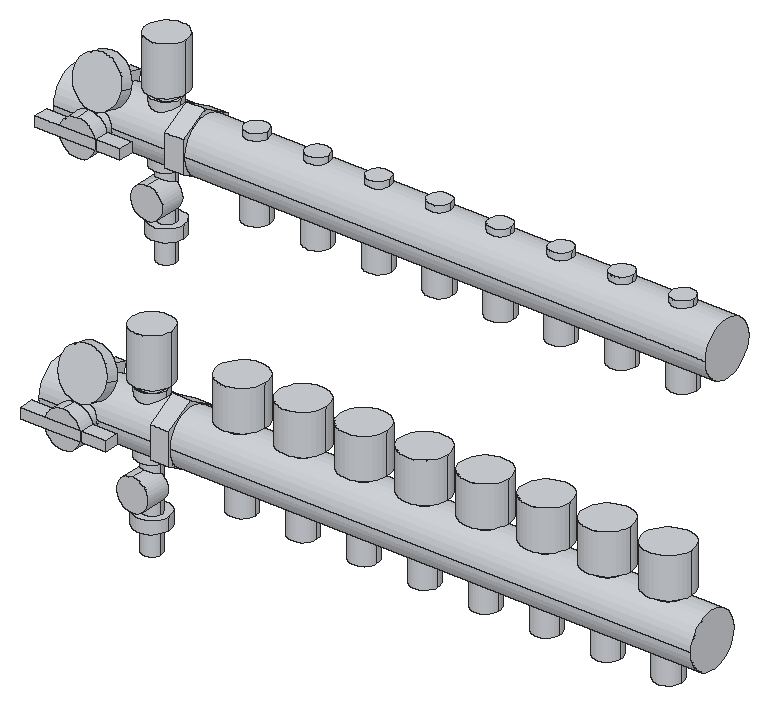
Revit family "318_dba5bdd3bf904ccfaea6eb69f10d80", category Pipe Accessories, Revit 2017
Family settings
  Round Connector Dimension = Use Diameter
  Part Type = Valve - Normal
  Work Plane-Based = No
  Always vertical = Yes
  Cut with Voids When Loaded = No
  Shared = No
Parameters (values of type "R553DK108")
  magi_piping_qv_2_8 [instance] = 0.0 L/s
  magi_piping_qv_2_7 [instance] = 0.0 L/s
  magi_piping_qv_2_6 [instance] = 0.0 L/s
  magi_piping_qv_2_5 [instance] = 0.0 L/s
  magi_piping_qv_2_4 [instance] = 0.0 L/s
  magi_piping_qv_2_3 [instance] = 0.0 L/s
  magi_piping_qv_2_2 [instance] = 0.0 L/s
  magi_piping_qv_2_1 [instance] = 0.0 L/s
  magi_piping_qv_1_8 [instance] = 0.0 L/s
  magi_piping_qv_1_7 [instance] = 0.0 L/s
  magi_piping_qv_1_6 [instance] = 0.0 L/s
  magi_piping_qv_1_5 [instance] = 0.0 L/s
  magi_piping_qv_1_4 [instance] = 0.0 L/s
  magi_piping_qv_1_3 [instance] = 0.0 L/s
  magi_piping_qv_1_2 [instance] = 0.0 L/s
  magi_piping_qv_1_1 [instance] = 0.0 L/s
  magi_piping_qv [instance] = 0.0 L/s
  magi_piping_power_8 [instance] = 0 W
  magi_piping_power_7 [instance] = 0 W
  magi_piping_power_6 [instance] = 0 W
  magi_piping_power_5 [instance] = 0 W
  magi_piping_power_4 [instance] = 0 W
  magi_piping_power_3 [instance] = 0 W
  magi_piping_power_2 [instance] = 0 W
  magi_piping_power_1 [instance] = 0 W
  magi_piping_kv_8 [instance] = 0
  magi_piping_kv_7 [instance] = 0
  magi_piping_kv_6 [instance] = 0
  magi_piping_kv_5 [instance] = 0
  magi_piping_kv_4 [instance] = 0
  magi_piping_kv_3 [instance] = 0
  magi_piping_kv_2 [instance] = 0
  magi_piping_kv_1 [instance] = 0
  magi_piping_dpTot_8 [instance] = 0.0 Pa
  magi_piping_dpTot_7 [instance] = 0.0 Pa
  magi_piping_dpTot_6 [instance] = 0.0 Pa
  magi_piping_dpTot_5 [instance] = 0.0 Pa
  magi_piping_dpTot_4 [instance] = 0.0 Pa
  magi_piping_dpTot_3 [instance] = 0.0 Pa
  magi_piping_dpTot_2 [instance] = 0.0 Pa
  magi_piping_dpTot_1 [instance] = 0.0 Pa
  magi_adjustmentValue_8 [instance] = ""
  magi_adjustmentValue_7 [instance] = ""
  magi_adjustmentValue_6 [instance] = ""
  magi_adjustmentValue_5 [instance] = ""
  magi_adjustmentValue_4 [instance] = ""
  magi_adjustmentValue_3 [instance] = ""
  magi_adjustmentValue_2 [instance] = ""
  magi_adjustmentValue_1 [instance] = ""
  magiProductId = "dba5bdd3bf904ccfaea6eb69f10d80"
  magiProductFamilyId = "dba5bdd3bf904ccfaea6eb69f10d80"
  magiProductCode = "R553DK108"
  magiPartTypeId = 318
  Y = 15 mm
  VersionID = "2.0/2016.10.37.0/GIACOMINI_R553DK_001"
  URL = "http://www.giacomini.com/en"
  SMP = 25 mm
  SBP9 = 18 mm
  SBP8 = 18 mm
  SBP7 = 18 mm
  SBP6 = 18 mm
  SBP5 = 18 mm
  SBP4 = 18 mm
  SBP3 = 18 mm
  SBP2 = 18 mm
  SBP12 = 18 mm
  SBP11 = 18 mm
  SBP10 = 18 mm
  SBP1 = 18 mm
  RMP = 25 mm
  RBP9 = 18 mm
  RBP8 = 18 mm
  RBP7 = 18 mm
  RBP6 = 18 mm
  RBP5 = 18 mm
  RBP4 = 18 mm
  RBP3 = 18 mm
  RBP2 = 18 mm
  RBP12 = 18 mm
  RBP11 = 18 mm
  RBP10 = 18 mm
  RBP1 = 18 mm
  R2 = 22 mm
  QmdConnectorList = "321;SMP;322;SBP1;323;SBP2;324;SBP3;325;SBP4;326;SBP5;327;SBP6;328;SBP7;329;SBP8;351;RMP;352;RBP1;353;RBP2;354;RBP3;355;RBP4;356;RBP5;357;RBP6;358;RBP7;359;RBP8"
  Productdata [instance] = "© Progman Oy, all rights reserved"
  N9 = no
  N8 = yes
  N7 = yes
  N6 = yes
  N5 = yes
  N4 = yes
  N3 = yes
  N12 = no
  N11 = no
  N10 = no
  Manufacturer = "Giacomini"
  MC_Default_elevation = 0 mm
  L = 535 mm
  I = 50 mm
  H5 = 33 mm
  H4 = 5 mm
  H3__ve = -H3  # -40 mm
  H3 = 40 mm
  H11 = 5 mm
  Flow supply main [instance] = Flow supply 1 + Flow supply 2 + Flow supply 3 + Flow supply 4 + Flow supply 5 + Flow supply 6 + Flow supply 7 + Flow supply 8  # 0.0 L/s
  Flow supply 8 [instance] = 0.0 L/s
  Flow supply 7 [instance] = 0.0 L/s
  Flow supply 6 [instance] = 0.0 L/s
  Flow supply 5 [instance] = 0.0 L/s
  Flow supply 4 [instance] = 0.0 L/s
  Flow supply 3 [instance] = 0.0 L/s
  Flow supply 2 [instance] = 0.0 L/s
  Flow supply 1 [instance] = 0.0 L/s
  Flow return main [instance] = Flow return 1 + Flow return 2 + Flow return 3 + Flow return 4 + Flow return 5 + Flow return 6 + Flow return 7 + Flow return 8  # 0.0 L/s
  Flow return 8 [instance] = 0.0 L/s
  Flow return 7 [instance] = 0.0 L/s
  Flow return 6 [instance] = 0.0 L/s
  Flow return 5 [instance] = 0.0 L/s
  Flow return 4 [instance] = 0.0 L/s
  Flow return 3 [instance] = 0.0 L/s
  Flow return 2 [instance] = 0.0 L/s
  Flow return 1 [instance] = 0.0 L/s
  E = 208 mm
  Description = "PREASSEMBLED MANIFOLD KIT"
  D5 = 38 mm
  D4 = 22 mm
  D31 = 18 mm
  D2 = 44 mm
  CAT0 = yes
  A = 149 mm
Reference planes
  plane 1 "Center (Front/Back)": y = 0
  plane 2 "XYPLANE": z = 0
  plane 3 "Center (Left/Right)": x = 0
  plane 4 "INIT_TEMP": y = 100
  plane 5 "379": x = 699
  plane 6 "378": x = 649
  plane 7 "377": x = 599
  plane 8 "376": x = 549
  plane 9 "375": x = 499
  plane 10 "374": x = 449
  plane 11 "373": x = 399
  plane 12 "372": x = 349
  plane 13 "371": x = 299
  plane 14 "369": x = 249
  plane 15 "368": x = 199
  plane 16 "367": x = 149
  plane 17 "366": z = 22
  plane 18 "365": z = 0
  plane 19 "364": z = -208
  plane 20 "363": y = -15
  plane 21 "362": y = 0
  plane 22 "361": x = 0
  plane 23 "360": z = -40
  plane 24 "359": z = -186
  plane 25 "358": z = -181
  plane 26 "357": z = -248
  plane 27 "356": x = 75
  plane 28 "355": z = 26
  plane 29 "354": x = 92
  plane 30 "353": z = 31
  plane 31 "352": z = -26
  plane 32 "351": z = -46
  plane 33 "350": z = -66
  plane 34 "349": z = 30
  plane 35 "348": x = 38
  plane 36 "347": y = -33
  plane 37 "346": z = 30
  plane 38 "345": y = -15
  plane 39 "344": z = -182
  plane 40 "343": z = -177
  plane 41 "342": z = -234
  plane 42 "341": z = -254
  plane 43 "340": z = -274
  plane 44 "339": z = -178
  plane 45 "338": y = -30
  plane 46 "337": z = -178
  plane 47 "336": y = -48
  plane 48 "1055": through (-712, 0, 30) normal (0, 0.2588, 0.9659)
  plane 49 "1056": through (-712, -15, 30) normal (0, -0.9659, 0.2588)
  plane 50 "1057": through (-712, -30, -178) normal (0, 0.9659, -0.2588)
  plane 51 "1058": through (-712, -15, -178) normal (0, -0.2588, -0.9659)
Forms (mm)
  Extrusion 1, solid, visible <- "N12"
    sketch origin (-750, 0, 22) x (1, 0, 0) y (0, 1, 0)
      loop
        circle (1449, 0) r 9
    from 0 to 5 <- "H11"
  Extrusion 2, solid, visible <- "N11"
    sketch origin (-750, 0, 22) x (1, 0, 0) y (0, 1, 0)
      loop
        circle (1399, 0) r 9
    from 0 to 5 <- "H11"
  Extrusion 3, solid, visible <- "N9"
    sketch origin (-750, 0, 22) x (1, 0, 0) y (0, 1, 0)
      loop
        circle (1299, 0) r 9
    from 0 to 5 <- "H11"
  Extrusion 4, solid, visible <- "N10"
    sketch origin (-750, 0, 22) x (1, 0, 0) y (0, 1, 0)
      loop
        circle (1349, 0) r 9
    from 0 to 5 <- "H11"
  Extrusion 5, solid, visible <- "N8"
    sketch origin (-750, 0, 22) x (1, 0, 0) y (0, 1, 0)
      loop
        circle (1249, 0) r 9
    from 0 to 5 <- "H11"
  Extrusion 6, solid, visible <- "N7"
    sketch origin (-750, 0, 22) x (1, 0, 0) y (0, 1, 0)
      loop
        circle (1199, 0) r 9
    from 0 to 5 <- "H11"
  Extrusion 7, solid, visible <- "N6"
    sketch origin (-750, 0, 22) x (1, 0, 0) y (0, 1, 0)
      loop
        circle (1149, 0) r 9
    from 0 to 5 <- "H11"
  Extrusion 8, solid, visible <- "N5"
    sketch origin (-750, 0, 22) x (1, 0, 0) y (0, 1, 0)
      loop
        circle (1099, 0) r 9
    from 0 to 5 <- "H11"
  Extrusion 9, solid, visible <- "N4"
    sketch origin (-750, 0, 22) x (1, 0, 0) y (0, 1, 0)
      loop
        circle (1049, 0) r 9
    from 0 to 5 <- "H11"
  Extrusion 10, solid, visible <- "N3"
    sketch origin (-750, 0, 22) x (1, 0, 0) y (0, 1, 0)
      loop
        circle (999, 0) r 9
    from 0 to 5 <- "H11"
  Extrusion 11, solid
    sketch origin (-750, 0, 22) x (1, 0, 0) y (0, 1, 0)
      loop
        circle (949, 0) r 9
    from 0 to 5 <- "H11"
  Extrusion 12, solid
    sketch origin (-750, 0, 22) x (1, 0, 0) y (0, 1, 0)
      loop
        circle (899, 0) r 9
    from 0 to 5 <- "H11"
  Extrusion 13, solid, visible <- "CAT0"
    sketch origin (0, -750, 0) x (0, 1, 0) y (0, 0, 1)
      loop
        circle (750, 0) r 22
    from 0 to 535 <- "L"
  Extrusion 14, solid
    sketch origin (-750, 0, 0) x (1, 0, 0) y (0, 1, 0)
      loop
        circle (899, 0) r 11
    from 0 to -40 <- "H3__ve"
  Extrusion 15, solid
    sketch origin (-750, 0, 0) x (1, 0, 0) y (0, 1, 0)
      loop
        circle (949, 0) r 11
    from 0 to -40 <- "H3__ve"
  Extrusion 16, solid, visible <- "N3"
    sketch origin (-750, 0, 0) x (1, 0, 0) y (0, 1, 0)
      loop
        circle (999, 0) r 11
    from 0 to -40 <- "H3__ve"
  Extrusion 17, solid, visible <- "N4"
    sketch origin (-750, 0, 0) x (1, 0, 0) y (0, 1, 0)
      loop
        circle (1049, 0) r 11
    from 0 to -40 <- "H3__ve"
  Extrusion 18, solid, visible <- "N5"
    sketch origin (-750, 0, 0) x (1, 0, 0) y (0, 1, 0)
      loop
        circle (1099, 0) r 11
    from 0 to -40 <- "H3__ve"
  Extrusion 19, solid, visible <- "N6"
    sketch origin (-750, 0, 0) x (1, 0, 0) y (0, 1, 0)
      loop
        circle (1149, 0) r 11
    from 0 to -40 <- "H3__ve"
  Extrusion 20, solid, visible <- "N7"
    sketch origin (-750, 0, 0) x (1, 0, 0) y (0, 1, 0)
      loop
        circle (1199, 0) r 11
    from 0 to -40 <- "H3__ve"
  Extrusion 21, solid, visible <- "N12"
    sketch origin (-750, 0, 0) x (1, 0, 0) y (0, 1, 0)
      loop
        circle (1449, 0) r 11
    from 0 to -40 <- "H3__ve"
  Extrusion 22, solid, visible <- "N11"
    sketch origin (-750, 0, 0) x (1, 0, 0) y (0, 1, 0)
      loop
        circle (1399, 0) r 11
    from 0 to -40 <- "H3__ve"
  Extrusion 23, solid, visible <- "N10"
    sketch origin (-750, 0, 0) x (1, 0, 0) y (0, 1, 0)
      loop
        circle (1349, 0) r 11
    from 0 to -40 <- "H3__ve"
  Extrusion 24, solid, visible <- "N9"
    sketch origin (-750, 0, 0) x (1, 0, 0) y (0, 1, 0)
      loop
        circle (1299, 0) r 11
    from 0 to -40 <- "H3__ve"
  Extrusion 25, solid, visible <- "N8"
    sketch origin (-750, 0, 0) x (1, 0, 0) y (0, 1, 0)
      loop
        circle (1249, 0) r 11
    from 0 to -40 <- "H3__ve"
  Extrusion 26, solid, visible <- "CAT0"
    sketch origin (0, -750, 0) x (0, 1, 0) y (0, 0, 1)
      loop
        circle (735, -208) r 22
    from 0 to 535 <- "L"
  Extrusion 27, solid
    sketch origin (-750, 0, -208) x (1, 0, 0) y (0, 1, 0)
      loop
        circle (949, -15) r 11
    from 0 to -40 <- "H3__ve"
  Extrusion 28, solid
    sketch origin (-750, 0, -208) x (1, 0, 0) y (0, 1, 0)
      loop
        circle (899, -15) r 11
    from 0 to -40 <- "H3__ve"
  Extrusion 29, solid, visible <- "N3"
    sketch origin (-750, 0, -208) x (1, 0, 0) y (0, 1, 0)
      loop
        circle (999, -15) r 11
    from 0 to -40 <- "H3__ve"
  Extrusion 30, solid
    sketch origin (-750, 0, -186) x (1, 0, 0) y (0, 1, 0)
      loop
        circle (899, -15) r 11
    from 0 to 5 <- "H4"
  Extrusion 31, solid
    sketch origin (-750, 0, -181) x (1, 0, 0) y (0, 1, 0)
      loop
        circle (899, -15) r 19
    from 0 to 33 <- "H5"
  Extrusion 32, solid
    sketch origin (-750, 0, -181) x (1, 0, 0) y (0, 1, 0)
      loop
        circle (949, -15) r 19
    from 0 to 33 <- "H5"
  Extrusion 33, solid
    sketch origin (-750, 0, -186) x (1, 0, 0) y (0, 1, 0)
      loop
        circle (949, -15) r 11
    from 0 to 5 <- "H4"
  Extrusion 34, solid, visible <- "N3"
    sketch origin (-750, 0, -186) x (1, 0, 0) y (0, 1, 0)
      loop
        circle (999, -15) r 11
    from 0 to 5 <- "H4"
  Extrusion 35, solid, visible <- "N3"
    sketch origin (-750, 0, -181) x (1, 0, 0) y (0, 1, 0)
      loop
        circle (999, -15) r 19
    from 0 to 33 <- "H5"
  Extrusion 36, solid, visible <- "N4"
    sketch origin (-750, 0, -181) x (1, 0, 0) y (0, 1, 0)
      loop
        circle (1049, -15) r 19
    from 0 to 33 <- "H5"
  Extrusion 37, solid, visible <- "N4"
    sketch origin (-750, 0, -186) x (1, 0, 0) y (0, 1, 0)
      loop
        circle (1049, -15) r 11
    from 0 to 5 <- "H4"
  Extrusion 38, solid, visible <- "N4"
    sketch origin (-750, 0, -208) x (1, 0, 0) y (0, 1, 0)
      loop
        circle (1049, -15) r 11
    from 0 to -40 <- "H3__ve"
  Extrusion 39, solid, visible <- "N5"
    sketch origin (-750, 0, -208) x (1, 0, 0) y (0, 1, 0)
      loop
        circle (1099, -15) r 11
    from 0 to -40 <- "H3__ve"
  Extrusion 40, solid, visible <- "N5"
    sketch origin (-750, 0, -186) x (1, 0, 0) y (0, 1, 0)
      loop
        circle (1099, -15) r 11
    from 0 to 5 <- "H4"
  Extrusion 41, solid, visible <- "N5"
    sketch origin (-750, 0, -181) x (1, 0, 0) y (0, 1, 0)
      loop
        circle (1099, -15) r 19
    from 0 to 33 <- "H5"
  Extrusion 42, solid, visible <- "N6"
    sketch origin (-750, 0, -181) x (1, 0, 0) y (0, 1, 0)
      loop
        circle (1149, -15) r 19
    from 0 to 33 <- "H5"
  Extrusion 43, solid, visible <- "N6"
    sketch origin (-750, 0, -186) x (1, 0, 0) y (0, 1, 0)
      loop
        circle (1149, -15) r 11
    from 0 to 5 <- "H4"
  Extrusion 44, solid, visible <- "N6"
    sketch origin (-750, 0, -208) x (1, 0, 0) y (0, 1, 0)
      loop
        circle (1149, -15) r 11
    from 0 to -40 <- "H3__ve"
  Extrusion 45, solid, visible <- "N7"
    sketch origin (-750, 0, -208) x (1, 0, 0) y (0, 1, 0)
      loop
        circle (1199, -15) r 11
    from 0 to -40 <- "H3__ve"
  Extrusion 46, solid, visible <- "N7"
    sketch origin (-750, 0, -186) x (1, 0, 0) y (0, 1, 0)
      loop
        circle (1199, -15) r 11
    from 0 to 5 <- "H4"
  Extrusion 47, solid, visible <- "N7"
    sketch origin (-750, 0, -181) x (1, 0, 0) y (0, 1, 0)
      loop
        circle (1199, -15) r 19
    from 0 to 33 <- "H5"
  Extrusion 48, solid, visible <- "N9"
    sketch origin (-750, 0, -181) x (1, 0, 0) y (0, 1, 0)
      loop
        circle (1299, -15) r 19
    from 0 to 33 <- "H5"
  Extrusion 49, solid, visible <- "N9"
    sketch origin (-750, 0, -186) x (1, 0, 0) y (0, 1, 0)
      loop
        circle (1299, -15) r 11
    from 0 to 5 <- "H4"
  Extrusion 50, solid, visible <- "N9"
    sketch origin (-750, 0, -208) x (1, 0, 0) y (0, 1, 0)
      loop
        circle (1299, -15) r 11
    from 0 to -40 <- "H3__ve"
  Extrusion 51, solid, visible <- "N8"
    sketch origin (-750, 0, -208) x (1, 0, 0) y (0, 1, 0)
      loop
        circle (1249, -15) r 11
    from 0 to -40 <- "H3__ve"
  Extrusion 52, solid, visible <- "N8"
    sketch origin (-750, 0, -186) x (1, 0, 0) y (0, 1, 0)
      loop
        circle (1249, -15) r 11
    from 0 to 5 <- "H4"
  Extrusion 53, solid, visible <- "N8"
    sketch origin (-750, 0, -181) x (1, 0, 0) y (0, 1, 0)
      loop
        circle (1249, -15) r 19
    from 0 to 33 <- "H5"
  Extrusion 54, solid, visible <- "N11"
    sketch origin (-750, 0, -181) x (1, 0, 0) y (0, 1, 0)
      loop
        circle (1399, -15) r 19
    from 0 to 33 <- "H5"
  Extrusion 55, solid, visible <- "N11"
    sketch origin (-750, 0, -186) x (1, 0, 0) y (0, 1, 0)
      loop
        circle (1399, -15) r 11
    from 0 to 5 <- "H4"
  Extrusion 56, solid, visible <- "N11"
    sketch origin (-750, 0, -208) x (1, 0, 0) y (0, 1, 0)
      loop
        circle (1399, -15) r 11
    from 0 to -40 <- "H3__ve"
  Extrusion 57, solid, visible <- "N12"
    sketch origin (-750, 0, -208) x (1, 0, 0) y (0, 1, 0)
      loop
        circle (1449, -15) r 11
    from 0 to -40 <- "H3__ve"
  Extrusion 58, solid, visible <- "N12"
    sketch origin (-750, 0, -186) x (1, 0, 0) y (0, 1, 0)
      loop
        circle (1449, -15) r 11
    from 0 to 5 <- "H4"
  Extrusion 59, solid, visible <- "N12"
    sketch origin (-750, 0, -181) x (1, 0, 0) y (0, 1, 0)
      loop
        circle (1449, -15) r 19
    from 0 to 33 <- "H5"
  Extrusion 60, solid, visible <- "N10"
    sketch origin (-750, 0, -181) x (1, 0, 0) y (0, 1, 0)
      loop
        circle (1349, -15) r 19
    from 0 to 33 <- "H5"
  Extrusion 61, solid, visible <- "N10"
    sketch origin (-750, 0, -186) x (1, 0, 0) y (0, 1, 0)
      loop
        circle (1349, -15) r 11
    from 0 to 5 <- "H4"
  Extrusion 62, solid, visible <- "N10"
    sketch origin (-750, 0, -208) x (1, 0, 0) y (0, 1, 0)
      loop
        circle (1349, -15) r 11
    from 0 to -40 <- "H3__ve"
  Extrusion 63, solid
    sketch origin (-750, 0, 26) x (1, 0, 0) y (0, 1, 0)
      loop
        circle (825, 0) r 12
    from 0 to -52
  Extrusion 64, solid
    sketch origin (92, -750, 0) x (0, 1, 0) y (0, 0, 1)
      loop
        line (750, 26) -> (727.483, 13) -> (727.483, -13) -> (750, -26) -> (772.517, -13) -> (772.517, 13) -> (750, 26)
    from 0 to 15
  Extrusion 65, solid
    sketch origin (-750, 0, 26) x (1, 0, 0) y (0, 1, 0)
      loop
        circle (825, 0) r 10
    from 0 to 5
  Extrusion 66, solid
    sketch origin (-750, 0, 31) x (1, 0, 0) y (0, 1, 0)
      loop
        circle (825, 0) r 16
    from 0 to 40
  Extrusion 67, solid
    sketch origin (-750, 0, -26) x (1, 0, 0) y (0, 1, 0)
      loop
        circle (825, 0) r 7.5
    from 0 to -70
  Extrusion 68, solid
    sketch origin (750, 0, 0) x (-1, 0, 0) y (0, 0, 1)
      loop
        circle (675, -46) r 13
    from 0 to -20
  Extrusion 69, solid
    sketch origin (-750, 0, -66) x (1, 0, 0) y (0, 1, 0)
      loop
        circle (825, 0) r 14
    from 0 to -10
  Extrusion 70, solid
    sketch origin (750, -33, 0) x (-1, 0, 0) y (0, 0, 1)
      loop
        circle (712, 0) r 15
    from 0 to -12
  Extrusion 71, solid
    sketch origin (-712, 0, 30) x (1, 0, 0) y (0, 0.965926, -0.258819)
      loop
        line (746, 15) -> (746, -15) -> (754, -15) -> (754, 15) -> (746, 15)
    from 0 to -18
  Extrusion 72, solid
    sketch origin (750, 0, 0) x (-1, 0, 0) y (0, 0, 1)
      loop
        circle (712, 0) r 9
    from 0 to -33
  Extrusion 73, solid
    sketch origin (750, -33, 0) x (-1, 0, 0) y (0, 0, 1)
      loop
        line (677, 4) -> (677, -4) -> (747, -4) -> (747, 4) -> (677, 4)
    from 0 to -12
  Extrusion 74, solid
    sketch origin (-712, -15, 30) x (1, 0, 0) y (0, 0.258819, 0.965926)
      loop
        circle (750, 0) r 20
    from 0 to 10
  Extrusion 75, solid
    sketch origin (-750, 0, -274) x (1, 0, 0) y (0, 1, 0)
      loop
        circle (825, -15) r 14
    from 0 to -10
  Extrusion 76, solid
    sketch origin (750, -15, 0) x (-1, 0, 0) y (0, 0, 1)
      loop
        circle (675, -254) r 13
    from 0 to -20
  Extrusion 77, solid
    sketch origin (-750, 0, -234) x (1, 0, 0) y (0, 1, 0)
      loop
        circle (825, -15) r 7.5
    from 0 to -70
  Extrusion 78, solid
    sketch origin (-750, 0, -177) x (1, 0, 0) y (0, 1, 0)
      loop
        circle (825, -15) r 16
    from 0 to 40
  Extrusion 79, solid
    sketch origin (-750, 0, -182) x (1, 0, 0) y (0, 1, 0)
      loop
        circle (825, -15) r 10
    from 0 to 5
  Extrusion 80, solid
    sketch origin (92, -750, 0) x (0, 1, 0) y (0, 0, 1)
      loop
        line (735, -182) -> (712.483, -195) -> (712.483, -221) -> (735, -234) -> (757.517, -221) -> (757.517, -195) -> (735, -182)
    from 0 to 15
  Extrusion 81, solid
    sketch origin (-750, 0, -182) x (1, 0, 0) y (0, 1, 0)
      loop
        circle (825, -15) r 12
    from 0 to -52
  Extrusion 82, solid
    sketch origin (-712, -30, -178) x (1, 0, 0) y (0, -0.258819, -0.965926)
      loop
        circle (750, 0) r 20
    from 0 to -10
  Extrusion 83, solid
    sketch origin (750, -48, 0) x (-1, 0, 0) y (0, 0, 1)
      loop
        line (677, -204) -> (677, -212) -> (747, -212) -> (747, -204) -> (677, -204)
    from 0 to -12
  Extrusion 84, solid
    sketch origin (750, -15, 0) x (-1, 0, 0) y (0, 0, 1)
      loop
        circle (712, -208) r 9
    from 0 to -33
  Extrusion 85, solid
    sketch origin (-712, -15, -178) x (1, 0, 0) y (0, -0.965926, 0.258819)
      loop
        line (746, -15) -> (754, -15) -> (754, 15) -> (746, 15) -> (746, -15)
    from 0 to 18
  Extrusion 86, solid
    sketch origin (750, -48, 0) x (-1, 0, 0) y (0, 0, 1)
      loop
        circle (712, -208) r 15
    from 0 to -12
  Extrusion 87, solid, not visible
    sketch origin (-750, 0, -40) x (1, 0, 0) y (0, 1, 0)
      loop
        circle (949, 0) r 10
    from 0 to 10
  Extrusion 88, solid, not visible
    sketch origin (-750, 0, -40) x (1, 0, 0) y (0, 1, 0)
      loop
        circle (899, 0) r 10
    from 0 to 10
  Extrusion 89, solid, not visible
    sketch origin (0, -750, 0) x (0, 1, 0) y (0, 0, 1)
      loop
        circle (735, -208) r 10
    from 0 to 10
  Extrusion 90, solid, not visible
    sketch origin (0, -750, 0) x (0, 1, 0) y (0, 0, 1)
      loop
        circle (750, 0) r 10
    from 0 to 10
  Extrusion 91, solid, not visible
    sketch origin (-750, 0, -40) x (1, 0, 0) y (0, 1, 0)
      loop
        circle (999, 0) r 10
    from 0 to 10
  Extrusion 92, solid, not visible
    sketch origin (-750, 0, -40) x (1, 0, 0) y (0, 1, 0)
      loop
        circle (1049, 0) r 10
    from 0 to 10
  Extrusion 93, solid, not visible
    sketch origin (-750, 0, -40) x (1, 0, 0) y (0, 1, 0)
      loop
        circle (1099, 0) r 10
    from 0 to 10
  Extrusion 94, solid, not visible
    sketch origin (-750, 0, -40) x (1, 0, 0) y (0, 1, 0)
      loop
        circle (1149, 0) r 10
    from 0 to 10
  Extrusion 95, solid, not visible
    sketch origin (-750, 0, -40) x (1, 0, 0) y (0, 1, 0)
      loop
        circle (1199, 0) r 10
    from 0 to 10
  Extrusion 96, solid, not visible
    sketch origin (-750, 0, -40) x (1, 0, 0) y (0, 1, 0)
      loop
        circle (1249, 0) r 10
    from 0 to 10
  Extrusion 97, solid, not visible
    sketch origin (-750, 0, -248) x (1, 0, 0) y (0, 1, 0)
      loop
        circle (999, -15) r 10
    from 0 to 10
  Extrusion 98, solid, not visible
    sketch origin (-750, 0, -248) x (1, 0, 0) y (0, 1, 0)
      loop
        circle (899, -15) r 10
    from 0 to 10
  Extrusion 99, solid, not visible
    sketch origin (-750, 0, -248) x (1, 0, 0) y (0, 1, 0)
      loop
        circle (949, -15) r 10
    from 0 to 10
  Extrusion 100, solid, not visible
    sketch origin (-750, 0, -248) x (1, 0, 0) y (0, 1, 0)
      loop
        circle (1049, -15) r 10
    from 0 to 10
  Extrusion 101, solid, not visible
    sketch origin (-750, 0, -248) x (1, 0, 0) y (0, 1, 0)
      loop
        circle (1099, -15) r 10
    from 0 to 10
  Extrusion 102, solid, not visible
    sketch origin (-750, 0, -248) x (1, 0, 0) y (0, 1, 0)
      loop
        circle (1149, -15) r 10
    from 0 to 10
  Extrusion 103, solid, not visible
    sketch origin (-750, 0, -248) x (1, 0, 0) y (0, 1, 0)
      loop
        circle (1199, -15) r 10
    from 0 to 10
  Extrusion 104, solid, not visible
    sketch origin (-750, 0, -248) x (1, 0, 0) y (0, 1, 0)
      loop
        circle (1249, -15) r 10
    from 0 to 10
Text (mm)
  text "© Progman Oy, all rights reserved" at (-472.209, -2482.653, 0), in view "Ref. Level"
Dimensions and locks
  plane 4 "INIT_TEMP" to plane 1 "Center (Front/Back)" = 100 mm
  "I": plane 6 "378" to plane 5 "379"
  "I": plane 7 "377" to plane 6 "378"
  "I": plane 8 "376" to plane 7 "377"
  "I": plane 9 "375" to plane 8 "376"
  "I": plane 10 "374" to plane 9 "375"
  "I": plane 11 "373" to plane 10 "374"
  "I": plane 12 "372" to plane 11 "373"
  "I": plane 13 "371" to plane 12 "372"
  "I": plane 14 "369" to plane 13 "371"
  "I": plane 15 "368" to plane 14 "369"
  "I": plane 16 "367" to plane 15 "368"
  "A": plane 3 "Center (Left/Right)" to plane 16 "367"
  "R2": plane 2 "XYPLANE" to plane 17 "366"
  locked: plane 2 "XYPLANE" to plane 18 "365"
  "E": plane 2 "XYPLANE" to plane 19 "364"
  "Y": plane 1 "Center (Front/Back)" to plane 20 "363"
  locked: plane 1 "Center (Front/Back)" to plane 21 "362"
  locked: plane 3 "Center (Left/Right)" to plane 22 "361"
  "H3": plane 2 "XYPLANE" to plane 23 "360"
  "R2": plane 19 "364" to plane 24 "359"
  "H4": plane 24 "359" to plane 25 "358"
  "H3": plane 19 "364" to plane 26 "357"
  locked: plane 3 "Center (Left/Right)" to plane 27 "356" at 75
  locked: plane 2 "XYPLANE" to plane 28 "355" at 26
  locked: plane 27 "356" to plane 29 "354" at 17
  locked: plane 28 "355" to plane 30 "353" at 5
  locked: plane 28 "355" to plane 31 "352" at 52
  locked: plane 31 "352" to plane 32 "351" at 20
  locked: plane 31 "352" to plane 33 "350" at 40
  locked: plane 2 "XYPLANE" to plane 34 "349" at 30
  locked: plane 3 "Center (Left/Right)" to plane 35 "348" at 38
  locked: plane 1 "Center (Front/Back)" to plane 36 "347" at 33
  locked: plane 2 "XYPLANE" to plane 37 "346" at 30
  locked: plane 1 "Center (Front/Back)" to plane 38 "345" at 15
  locked: plane 19 "364" to plane 39 "344" at 26
  locked: plane 39 "344" to plane 40 "343" at 5
  locked: plane 39 "344" to plane 41 "342" at 52
  locked: plane 41 "342" to plane 42 "341" at 20
  locked: plane 41 "342" to plane 43 "340" at 40
  locked: plane 19 "364" to plane 44 "339" at 30
  locked: plane 20 "363" to plane 45 "338" at 15
  locked: plane 19 "364" to plane 46 "337" at 30
  locked: plane 20 "363" to plane 47 "336" at 33
  "D31": diameter of Extrusion 1 sketch curve
  "D31": diameter of Extrusion 2 sketch curve
  "D31": diameter of Extrusion 3 sketch curve
  "D31": diameter of Extrusion 4 sketch curve
  "D31": diameter of Extrusion 5 sketch curve
  "D31": diameter of Extrusion 6 sketch curve
  "D31": diameter of Extrusion 7 sketch curve
  "D31": diameter of Extrusion 8 sketch curve
  "D31": diameter of Extrusion 9 sketch curve
  "D31": diameter of Extrusion 10 sketch curve
  "D31": diameter of Extrusion 11 sketch curve
  "D31": diameter of Extrusion 12 sketch curve
  "D2": diameter of Extrusion 13 sketch curve
  "D4": diameter of Extrusion 14 sketch curve
  "D4": diameter of Extrusion 15 sketch curve
  "D4": diameter of Extrusion 16 sketch curve
  "D4": diameter of Extrusion 17 sketch curve
  "D4": diameter of Extrusion 18 sketch curve
  "D4": diameter of Extrusion 19 sketch curve
  "D4": diameter of Extrusion 20 sketch curve
  "D4": diameter of Extrusion 21 sketch curve
  "D4": diameter of Extrusion 22 sketch curve
  "D4": diameter of Extrusion 23 sketch curve
  "D4": diameter of Extrusion 24 sketch curve
  "D4": diameter of Extrusion 25 sketch curve
  "D2": diameter of Extrusion 26 sketch curve
  "D4": diameter of Extrusion 27 sketch curve
  "D4": diameter of Extrusion 28 sketch curve
  "D4": diameter of Extrusion 29 sketch curve
  "D4": diameter of Extrusion 30 sketch curve
  "D5": diameter of Extrusion 31 sketch curve
  "D5": diameter of Extrusion 32 sketch curve
  "D4": diameter of Extrusion 33 sketch curve
  "D4": diameter of Extrusion 34 sketch curve
  "D5": diameter of Extrusion 35 sketch curve
  "D5": diameter of Extrusion 36 sketch curve
  "D4": diameter of Extrusion 37 sketch curve
  "D4": diameter of Extrusion 38 sketch curve
  "D4": diameter of Extrusion 39 sketch curve
  "D4": diameter of Extrusion 40 sketch curve
  "D5": diameter of Extrusion 41 sketch curve
  "D5": diameter of Extrusion 42 sketch curve
  "D4": diameter of Extrusion 43 sketch curve
  "D4": diameter of Extrusion 44 sketch curve
  "D4": diameter of Extrusion 45 sketch curve
  "D4": diameter of Extrusion 46 sketch curve
  "D5": diameter of Extrusion 47 sketch curve
  "D5": diameter of Extrusion 48 sketch curve
  "D4": diameter of Extrusion 49 sketch curve
  "D4": diameter of Extrusion 50 sketch curve
  "D4": diameter of Extrusion 51 sketch curve
  "D4": diameter of Extrusion 52 sketch curve
  "D5": diameter of Extrusion 53 sketch curve
  "D5": diameter of Extrusion 54 sketch curve
  "D4": diameter of Extrusion 55 sketch curve
  "D4": diameter of Extrusion 56 sketch curve
  "D4": diameter of Extrusion 57 sketch curve
  "D4": diameter of Extrusion 58 sketch curve
  "D5": diameter of Extrusion 59 sketch curve
  "D5": diameter of Extrusion 60 sketch curve
  "D4": diameter of Extrusion 61 sketch curve
  "D4": diameter of Extrusion 62 sketch curve
  aligned and locked: level to plane 2 "XYPLANE"
  aligned and locked: plane 5 "379" to Extrusion 1 sketch curve
  aligned and locked: plane 21 "362" to Extrusion 1 sketch curve
  aligned and locked: plane 6 "378" to Extrusion 2 sketch curve
  aligned and locked: plane 21 "362" to Extrusion 2 sketch curve
  aligned and locked: plane 8 "376" to Extrusion 3 sketch curve
  aligned and locked: plane 21 "362" to Extrusion 3 sketch curve
  aligned and locked: plane 7 "377" to Extrusion 4 sketch curve
  aligned and locked: plane 21 "362" to Extrusion 4 sketch curve
  aligned and locked: plane 9 "375" to Extrusion 5 sketch curve
  aligned and locked: plane 21 "362" to Extrusion 5 sketch curve
  aligned and locked: plane 10 "374" to Extrusion 6 sketch curve
  aligned and locked: plane 21 "362" to Extrusion 6 sketch curve
  aligned and locked: plane 11 "373" to Extrusion 7 sketch curve
  aligned and locked: plane 21 "362" to Extrusion 7 sketch curve
  aligned and locked: plane 12 "372" to Extrusion 8 sketch curve
  aligned and locked: plane 21 "362" to Extrusion 8 sketch curve
  aligned and locked: plane 13 "371" to Extrusion 9 sketch curve
  aligned and locked: plane 21 "362" to Extrusion 9 sketch curve
  aligned and locked: plane 14 "369" to Extrusion 10 sketch curve
  aligned and locked: plane 21 "362" to Extrusion 10 sketch curve
  aligned and locked: plane 15 "368" to Extrusion 11 sketch curve
  aligned and locked: plane 21 "362" to Extrusion 11 sketch curve
  aligned and locked: plane 16 "367" to Extrusion 12 sketch curve
  aligned and locked: plane 21 "362" to Extrusion 12 sketch curve
  aligned and locked: plane 18 "365" to Extrusion 13 sketch curve
  aligned and locked: Extrusion 13 sketch curve to plane 21 "362"
  aligned and locked: plane 16 "367" to Extrusion 14 sketch curve
  aligned and locked: plane 21 "362" to Extrusion 14 sketch curve
  aligned and locked: plane 15 "368" to Extrusion 15 sketch curve
  aligned and locked: plane 21 "362" to Extrusion 15 sketch curve
  aligned and locked: plane 14 "369" to Extrusion 16 sketch curve
  aligned and locked: plane 21 "362" to Extrusion 16 sketch curve
  aligned and locked: plane 13 "371" to Extrusion 17 sketch curve
  aligned and locked: plane 21 "362" to Extrusion 17 sketch curve
  aligned and locked: plane 12 "372" to Extrusion 18 sketch curve
  aligned and locked: plane 21 "362" to Extrusion 18 sketch curve
  aligned and locked: plane 11 "373" to Extrusion 19 sketch curve
  aligned and locked: plane 21 "362" to Extrusion 19 sketch curve
  aligned and locked: plane 10 "374" to Extrusion 20 sketch curve
  aligned and locked: plane 21 "362" to Extrusion 20 sketch curve
  aligned and locked: plane 5 "379" to Extrusion 21 sketch curve
  aligned and locked: plane 21 "362" to Extrusion 21 sketch curve
  aligned and locked: plane 6 "378" to Extrusion 22 sketch curve
  aligned and locked: plane 21 "362" to Extrusion 22 sketch curve
  aligned and locked: plane 7 "377" to Extrusion 23 sketch curve
  aligned and locked: plane 21 "362" to Extrusion 23 sketch curve
  aligned and locked: plane 8 "376" to Extrusion 24 sketch curve
  aligned and locked: plane 21 "362" to Extrusion 24 sketch curve
  aligned and locked: plane 9 "375" to Extrusion 25 sketch curve
  aligned and locked: plane 21 "362" to Extrusion 25 sketch curve
  aligned and locked: plane 19 "364" to Extrusion 26 sketch curve
  aligned and locked: Extrusion 26 sketch curve to plane 20 "363"
  aligned and locked: plane 15 "368" to Extrusion 27 sketch curve
  aligned and locked: plane 20 "363" to Extrusion 27 sketch curve
  aligned and locked: plane 16 "367" to Extrusion 28 sketch curve
  aligned and locked: plane 20 "363" to Extrusion 28 sketch curve
  aligned and locked: plane 14 "369" to Extrusion 29 sketch curve
  aligned and locked: plane 20 "363" to Extrusion 29 sketch curve
  aligned and locked: plane 16 "367" to Extrusion 30 sketch curve
  aligned and locked: plane 20 "363" to Extrusion 30 sketch curve
  aligned and locked: plane 16 "367" to Extrusion 31 sketch curve
  aligned and locked: plane 20 "363" to Extrusion 31 sketch curve
  aligned and locked: plane 15 "368" to Extrusion 32 sketch curve
  aligned and locked: plane 20 "363" to Extrusion 32 sketch curve
  aligned and locked: plane 15 "368" to Extrusion 33 sketch curve
  aligned and locked: plane 20 "363" to Extrusion 33 sketch curve
  aligned and locked: plane 14 "369" to Extrusion 34 sketch curve
  aligned and locked: plane 20 "363" to Extrusion 34 sketch curve
  aligned and locked: plane 14 "369" to Extrusion 35 sketch curve
  aligned and locked: plane 20 "363" to Extrusion 35 sketch curve
  aligned and locked: plane 13 "371" to Extrusion 36 sketch curve
  aligned and locked: plane 20 "363" to Extrusion 36 sketch curve
  aligned and locked: plane 13 "371" to Extrusion 37 sketch curve
  aligned and locked: plane 20 "363" to Extrusion 37 sketch curve
  aligned and locked: plane 13 "371" to Extrusion 38 sketch curve
  aligned and locked: plane 20 "363" to Extrusion 38 sketch curve
  aligned and locked: plane 12 "372" to Extrusion 39 sketch curve
  aligned and locked: plane 20 "363" to Extrusion 39 sketch curve
  aligned and locked: plane 12 "372" to Extrusion 40 sketch curve
  aligned and locked: plane 20 "363" to Extrusion 40 sketch curve
  aligned and locked: plane 12 "372" to Extrusion 41 sketch curve
  aligned and locked: plane 20 "363" to Extrusion 41 sketch curve
  aligned and locked: plane 11 "373" to Extrusion 42 sketch curve
  aligned and locked: plane 20 "363" to Extrusion 42 sketch curve
  aligned and locked: plane 11 "373" to Extrusion 43 sketch curve
  aligned and locked: plane 20 "363" to Extrusion 43 sketch curve
  aligned and locked: plane 11 "373" to Extrusion 44 sketch curve
  aligned and locked: plane 20 "363" to Extrusion 44 sketch curve
  aligned and locked: plane 10 "374" to Extrusion 45 sketch curve
  aligned and locked: plane 20 "363" to Extrusion 45 sketch curve
  aligned and locked: plane 10 "374" to Extrusion 46 sketch curve
  aligned and locked: plane 20 "363" to Extrusion 46 sketch curve
  aligned and locked: plane 10 "374" to Extrusion 47 sketch curve
  aligned and locked: plane 20 "363" to Extrusion 47 sketch curve
  aligned and locked: plane 8 "376" to Extrusion 48 sketch curve
  aligned and locked: plane 20 "363" to Extrusion 48 sketch curve
  aligned and locked: plane 8 "376" to Extrusion 49 sketch curve
  aligned and locked: plane 20 "363" to Extrusion 49 sketch curve
  aligned and locked: plane 8 "376" to Extrusion 50 sketch curve
  aligned and locked: plane 20 "363" to Extrusion 50 sketch curve
  aligned and locked: plane 9 "375" to Extrusion 51 sketch curve
  aligned and locked: plane 20 "363" to Extrusion 51 sketch curve
  aligned and locked: plane 9 "375" to Extrusion 52 sketch curve
  aligned and locked: plane 20 "363" to Extrusion 52 sketch curve
  aligned and locked: plane 9 "375" to Extrusion 53 sketch curve
  aligned and locked: plane 20 "363" to Extrusion 53 sketch curve
  aligned and locked: plane 6 "378" to Extrusion 54 sketch curve
  aligned and locked: plane 20 "363" to Extrusion 54 sketch curve
  aligned and locked: plane 6 "378" to Extrusion 55 sketch curve
  aligned and locked: plane 20 "363" to Extrusion 55 sketch curve
  aligned and locked: plane 6 "378" to Extrusion 56 sketch curve
  aligned and locked: plane 20 "363" to Extrusion 56 sketch curve
  aligned and locked: plane 5 "379" to Extrusion 57 sketch curve
  aligned and locked: plane 20 "363" to Extrusion 57 sketch curve
  aligned and locked: plane 5 "379" to Extrusion 58 sketch curve
  aligned and locked: plane 20 "363" to Extrusion 58 sketch curve
  aligned and locked: plane 5 "379" to Extrusion 59 sketch curve
  aligned and locked: plane 20 "363" to Extrusion 59 sketch curve
  aligned and locked: plane 7 "377" to Extrusion 60 sketch curve
  aligned and locked: plane 20 "363" to Extrusion 60 sketch curve
  aligned and locked: plane 7 "377" to Extrusion 61 sketch curve
  aligned and locked: plane 20 "363" to Extrusion 61 sketch curve
  aligned and locked: plane 7 "377" to Extrusion 62 sketch curve
  aligned and locked: plane 20 "363" to Extrusion 62 sketch curve
  aligned and locked: plane 21 "362" to Extrusion 63 sketch curve
  aligned and locked: plane 27 "356" to Extrusion 63 sketch curve
  aligned and locked: plane 21 "362" to Extrusion 65 sketch curve
  aligned and locked: plane 27 "356" to Extrusion 65 sketch curve
  aligned and locked: plane 21 "362" to Extrusion 66 sketch curve
  aligned and locked: plane 27 "356" to Extrusion 66 sketch curve
  aligned and locked: plane 21 "362" to Extrusion 67 sketch curve
  aligned and locked: plane 27 "356" to Extrusion 67 sketch curve
  aligned and locked: plane 27 "356" to Extrusion 68 sketch curve
  aligned and locked: plane 32 "351" to Extrusion 68 sketch curve
  aligned and locked: plane 21 "362" to Extrusion 69 sketch curve
  aligned and locked: plane 27 "356" to Extrusion 69 sketch curve
  aligned and locked: plane 18 "365" to Extrusion 70 sketch curve
  aligned and locked: plane 35 "348" to Extrusion 70 sketch curve
  aligned and locked: plane 18 "365" to Extrusion 72 sketch curve
  aligned and locked: plane 35 "348" to Extrusion 72 sketch curve
  aligned and locked: plane 35 "348" to Extrusion 74 sketch curve
  aligned and locked: plane 20 "363" to Extrusion 75 sketch curve
  aligned and locked: plane 27 "356" to Extrusion 75 sketch curve
  aligned and locked: plane 27 "356" to Extrusion 76 sketch curve
  aligned and locked: plane 42 "341" to Extrusion 76 sketch curve
  aligned and locked: plane 20 "363" to Extrusion 77 sketch curve
  aligned and locked: plane 27 "356" to Extrusion 77 sketch curve
  aligned and locked: plane 20 "363" to Extrusion 78 sketch curve
  aligned and locked: plane 27 "356" to Extrusion 78 sketch curve
  aligned and locked: plane 20 "363" to Extrusion 79 sketch curve
  aligned and locked: plane 27 "356" to Extrusion 79 sketch curve
  aligned and locked: plane 20 "363" to Extrusion 81 sketch curve
  aligned and locked: plane 27 "356" to Extrusion 81 sketch curve
  aligned and locked: plane 35 "348" to Extrusion 82 sketch curve
  aligned and locked: plane 19 "364" to Extrusion 84 sketch curve
  aligned and locked: plane 35 "348" to Extrusion 84 sketch curve
  aligned and locked: plane 19 "364" to Extrusion 86 sketch curve
  aligned and locked: plane 35 "348" to Extrusion 86 sketch curve
  aligned and locked: plane 15 "368" to Extrusion 87 sketch curve
  aligned and locked: plane 21 "362" to Extrusion 87 sketch curve
  aligned and locked: plane 16 "367" to Extrusion 88 sketch curve
  aligned and locked: plane 21 "362" to Extrusion 88 sketch curve
  aligned and locked: plane 19 "364" to Extrusion 89 sketch curve
  aligned and locked: Extrusion 89 sketch curve to plane 20 "363"
  aligned and locked: plane 18 "365" to Extrusion 90 sketch curve
  aligned and locked: Extrusion 90 sketch curve to plane 21 "362"
  aligned and locked: plane 14 "369" to Extrusion 91 sketch curve
  aligned and locked: plane 21 "362" to Extrusion 91 sketch curve
  aligned and locked: plane 13 "371" to Extrusion 92 sketch curve
  aligned and locked: plane 21 "362" to Extrusion 92 sketch curve
  aligned and locked: plane 12 "372" to Extrusion 93 sketch curve
  aligned and locked: plane 21 "362" to Extrusion 93 sketch curve
  aligned and locked: plane 11 "373" to Extrusion 94 sketch curve
  aligned and locked: plane 21 "362" to Extrusion 94 sketch curve
  aligned and locked: plane 10 "374" to Extrusion 95 sketch curve
  aligned and locked: plane 21 "362" to Extrusion 95 sketch curve
  aligned and locked: plane 9 "375" to Extrusion 96 sketch curve
  aligned and locked: plane 21 "362" to Extrusion 96 sketch curve
  aligned and locked: plane 14 "369" to Extrusion 97 sketch curve
  aligned and locked: plane 20 "363" to Extrusion 97 sketch curve
  aligned and locked: plane 16 "367" to Extrusion 98 sketch curve
  aligned and locked: plane 20 "363" to Extrusion 98 sketch curve
  aligned and locked: plane 15 "368" to Extrusion 99 sketch curve
  aligned and locked: plane 20 "363" to Extrusion 99 sketch curve
  aligned and locked: plane 13 "371" to Extrusion 100 sketch curve
  aligned and locked: plane 20 "363" to Extrusion 100 sketch curve
  aligned and locked: plane 12 "372" to Extrusion 101 sketch curve
  aligned and locked: plane 20 "363" to Extrusion 101 sketch curve
  aligned and locked: plane 11 "373" to Extrusion 102 sketch curve
  aligned and locked: plane 20 "363" to Extrusion 102 sketch curve
  aligned and locked: plane 10 "374" to Extrusion 103 sketch curve
  aligned and locked: plane 20 "363" to Extrusion 103 sketch curve
  aligned and locked: plane 9 "375" to Extrusion 104 sketch curve
  aligned and locked: plane 20 "363" to Extrusion 104 sketch curve
Automatic sketch dimensions
  Extrusion 63 sketch curve to plane 27 "356" = 12 mm
  Extrusion 64 sketch curve to plane 1 "Center (Front/Back)" = 0 mm  (x2)
  Extrusion 64 sketch curve to plane 31 "352" = 0 mm
  Extrusion 64 sketch curve to plane 28 "355" = 0 mm
  plane 45 "338" to Extrusion 64 sketch curve = 7.483 mm
  Extrusion 64 sketch curve to plane 17 "366" = 9 mm  (x2)
  Extrusion 64 sketch curve to plane 1 "Center (Front/Back)" = 22.517 mm
  Extrusion 64 sketch curve to level = 13 mm  (x2)
  Extrusion 65 sketch curve to plane 27 "356" = 10 mm
  Extrusion 66 sketch curve to plane 27 "356" = 16 mm
  Extrusion 67 sketch curve to plane 27 "356" = 7.5 mm
  plane 33 "350" to Extrusion 68 sketch curve = 7 mm
  Extrusion 69 sketch curve to plane 27 "356" = 14 mm
  plane 31 "352" to Extrusion 70 sketch curve = 11 mm
  Extrusion 71 sketch curve to plane 35 "348" = 4 mm
  plane 49 "1056" to Extrusion 71 sketch curve = 0.511 mm
  plane 35 "348" to Extrusion 71 sketch curve = 4 mm
  Extrusion 71 sketch curve to plane 50 "1057" = 9.857 mm
  Extrusion 72 sketch curve to level = 9 mm
  Extrusion 73 sketch curve to plane 27 "356" = 2 mm
  plane 3 "Center (Left/Right)" to Extrusion 73 sketch curve = 3 mm
  Extrusion 73 sketch curve to level = 4 mm
  level to Extrusion 73 sketch curve = 4 mm
  Extrusion 74 sketch curve to plane 48 "1055" = 3.882 mm
  plane 3 "Center (Left/Right)" to Extrusion 74 sketch curve = 18 mm
  Extrusion 75 sketch curve to plane 27 "356" = 14 mm
  plane 43 "340" to Extrusion 76 sketch curve = 7 mm
  Extrusion 77 sketch curve to plane 27 "356" = 7.5 mm
  Extrusion 78 sketch curve to plane 27 "356" = 16 mm
  Extrusion 79 sketch curve to plane 27 "356" = 10 mm
  Extrusion 80 sketch curve to plane 20 "363" = 0 mm  (x2)
  Extrusion 80 sketch curve to plane 41 "342" = 0 mm
  Extrusion 80 sketch curve to plane 39 "344" = 0 mm
  Extrusion 80 sketch curve to plane 36 "347" = 4.517 mm
  Extrusion 80 sketch curve to plane 1 "Center (Front/Back)" = 7.517 mm
  Extrusion 80 sketch curve to plane 19 "364" = 13 mm  (x2)
  Extrusion 80 sketch curve to plane 24 "359" = 9 mm  (x2)
  Extrusion 81 sketch curve to plane 27 "356" = 12 mm
  plane 51 "1058" to Extrusion 82 sketch curve = 3.882 mm
  plane 3 "Center (Left/Right)" to Extrusion 82 sketch curve = 18 mm
  Extrusion 83 sketch curve to plane 27 "356" = 2 mm
  plane 3 "Center (Left/Right)" to Extrusion 83 sketch curve = 3 mm
  Extrusion 83 sketch curve to plane 19 "364" = 4 mm
  plane 19 "364" to Extrusion 83 sketch curve = 4 mm
  Extrusion 84 sketch curve to plane 19 "364" = 9 mm
  Extrusion 85 sketch curve to plane 35 "348" = 4 mm
  Extrusion 85 sketch curve to plane 50 "1057" = 0.511 mm
  plane 35 "348" to Extrusion 85 sketch curve = 4 mm
  plane 50 "1057" to Extrusion 85 sketch curve = 29.489 mm
  plane 41 "342" to Extrusion 86 sketch curve = 11 mm
  plane 20 "363" to Extrusion 87 sketch curve = 5 mm
  plane 20 "363" to Extrusion 88 sketch curve = 5 mm
  plane 45 "338" to Extrusion 89 sketch curve = 5 mm
  plane 20 "363" to Extrusion 90 sketch curve = 5 mm
  plane 20 "363" to Extrusion 91 sketch curve = 5 mm
  plane 20 "363" to Extrusion 92 sketch curve = 5 mm
  plane 20 "363" to Extrusion 93 sketch curve = 5 mm
  plane 20 "363" to Extrusion 94 sketch curve = 5 mm
  plane 20 "363" to Extrusion 95 sketch curve = 5 mm
  plane 20 "363" to Extrusion 96 sketch curve = 5 mm
  plane 45 "338" to Extrusion 97 sketch curve = 5 mm
  plane 45 "338" to Extrusion 98 sketch curve = 5 mm
  plane 45 "338" to Extrusion 99 sketch curve = 5 mm
  plane 45 "338" to Extrusion 100 sketch curve = 5 mm
  plane 45 "338" to Extrusion 101 sketch curve = 5 mm
  plane 45 "338" to Extrusion 102 sketch curve = 5 mm
  plane 45 "338" to Extrusion 103 sketch curve = 5 mm
  plane 45 "338" to Extrusion 104 sketch curve = 5 mm
Connectors
  piping at (0, 0, 0), diameter 25, driven by "Flow supply main", driven by "SMP"
    settings: on Extrusion 90, index 1, connector inside diameter 609.6 mm, connector length 0 mm, flow factor 0, pipe flow 0.0 L/s, pressure drop 0.0 Pa, fitting loss kfactor 0, connector angle 0.00°, fixture units 0, engagement length 0 mm, angle of deflection 0.00°, flow configuration 1, flow direction 1, fitting loss method 0, system type 7, joint type 0, gender type 0, connector reference index -1, connector utility 0, adjustable connector no, is connector primary yes, connector description "Main_1_1"
  piping at (149, 0, -40), diameter 18, driven by "Flow supply 1", driven by "SBP1"
    settings: on Extrusion 88, index 2, connector inside diameter 609.6 mm, connector length 0 mm, flow factor 0, pipe flow 0.0 L/s, pressure drop 0.0 Pa, fitting loss kfactor 0, connector angle 0.00°, fixture units 0, engagement length 0 mm, angle of deflection 0.00°, flow configuration 0, flow direction 2, fitting loss method 0, system type 7, joint type 0, gender type 0, connector reference index -1, connector utility 0, adjustable connector no, is connector primary no, connector description "Branch_1_1"
  piping at (199, 0, -40), diameter 18, driven by "Flow supply 2", driven by "SBP2"
    settings: on Extrusion 87, index 3, connector inside diameter 609.6 mm, connector length 0 mm, flow factor 0, pipe flow 0.0 L/s, pressure drop 0.0 Pa, fitting loss kfactor 0, connector angle 0.00°, fixture units 0, engagement length 0 mm, angle of deflection 0.00°, flow configuration 0, flow direction 2, fitting loss method 0, system type 7, joint type 0, gender type 0, connector reference index -1, connector utility 0, adjustable connector no, is connector primary no, connector description "Branch_1_2"
  piping at (249, 0, -40), diameter 18, driven by "Flow supply 3", driven by "SBP3"
    settings: on Extrusion 91, index 4, connector inside diameter 609.6 mm, connector length 0 mm, flow factor 0, pipe flow 0.0 L/s, pressure drop 0.0 Pa, fitting loss kfactor 0, connector angle 0.00°, fixture units 0, engagement length 0 mm, angle of deflection 0.00°, flow configuration 0, flow direction 2, fitting loss method 0, system type 7, joint type 0, gender type 0, connector reference index -1, connector utility 0, adjustable connector no, is connector primary no, connector description "Branch_1_3"
  piping at (299, 0, -40), diameter 18, driven by "Flow supply 4", driven by "SBP4"
    settings: on Extrusion 92, index 5, connector inside diameter 609.6 mm, connector length 0 mm, flow factor 0, pipe flow 0.0 L/s, pressure drop 0.0 Pa, fitting loss kfactor 0, connector angle 0.00°, fixture units 0, engagement length 0 mm, angle of deflection 0.00°, flow configuration 0, flow direction 2, fitting loss method 0, system type 7, joint type 0, gender type 0, connector reference index -1, connector utility 0, adjustable connector no, is connector primary no, connector description "Branch_1_4"
  piping at (349, 0, -40), diameter 18, driven by "Flow supply 5", driven by "SBP5"
    settings: on Extrusion 93, index 6, connector inside diameter 609.6 mm, connector length 0 mm, flow factor 0, pipe flow 0.0 L/s, pressure drop 0.0 Pa, fitting loss kfactor 0, connector angle 0.00°, fixture units 0, engagement length 0 mm, angle of deflection 0.00°, flow configuration 0, flow direction 2, fitting loss method 0, system type 7, joint type 0, gender type 0, connector reference index -1, connector utility 0, adjustable connector no, is connector primary no, connector description "Branch_1_5"
  piping at (399, 0, -40), diameter 18, driven by "Flow supply 6", driven by "SBP6"
    settings: on Extrusion 94, index 7, connector inside diameter 609.6 mm, connector length 0 mm, flow factor 0, pipe flow 0.0 L/s, pressure drop 0.0 Pa, fitting loss kfactor 0, connector angle 0.00°, fixture units 0, engagement length 0 mm, angle of deflection 0.00°, flow configuration 0, flow direction 2, fitting loss method 0, system type 7, joint type 0, gender type 0, connector reference index -1, connector utility 0, adjustable connector no, is connector primary no, connector description "Branch_1_6"
  piping at (449, 0, -40), diameter 18, driven by "Flow supply 7", driven by "SBP7"
    settings: on Extrusion 95, index 8, connector inside diameter 609.6 mm, connector length 0 mm, flow factor 0, pipe flow 0.0 L/s, pressure drop 0.0 Pa, fitting loss kfactor 0, connector angle 0.00°, fixture units 0, engagement length 0 mm, angle of deflection 0.00°, flow configuration 0, flow direction 2, fitting loss method 0, system type 7, joint type 0, gender type 0, connector reference index -1, connector utility 0, adjustable connector no, is connector primary no, connector description "Branch_1_7"
  piping at (499, 0, -40), diameter 18, driven by "Flow supply 8", driven by "SBP8"
    settings: on Extrusion 96, index 9, connector inside diameter 609.6 mm, connector length 0 mm, flow factor 0, pipe flow 0.0 L/s, pressure drop 0.0 Pa, fitting loss kfactor 0, connector angle 0.00°, fixture units 0, engagement length 0 mm, angle of deflection 0.00°, flow configuration 0, flow direction 2, fitting loss method 0, system type 7, joint type 0, gender type 0, connector reference index -1, connector utility 0, adjustable connector no, is connector primary no, connector description "Branch_1_8"
  piping at (0, -15, -208), diameter 25, driven by "Flow return main", driven by "RMP"
    settings: on Extrusion 89, index 10, connector inside diameter 609.6 mm, connector length 0 mm, flow factor 0, pipe flow 0.0 L/s, pressure drop 0.0 Pa, fitting loss kfactor 0, connector angle 0.00°, fixture units 0, engagement length 0 mm, angle of deflection 0.00°, flow configuration 1, flow direction 2, fitting loss method 0, system type 8, joint type 0, gender type 0, connector reference index -1, connector utility 0, adjustable connector no, is connector primary no, connector description "Main_2_1"
  piping at (149, -15, -248), diameter 18, driven by "Flow return 1", driven by "RBP1"
    settings: on Extrusion 98, index 11, connector inside diameter 609.6 mm, connector length 0 mm, flow factor 0, pipe flow 0.0 L/s, pressure drop 0.0 Pa, fitting loss kfactor 0, connector angle 0.00°, fixture units 0, engagement length 0 mm, angle of deflection 0.00°, flow configuration 0, flow direction 1, fitting loss method 0, system type 8, joint type 0, gender type 0, connector reference index -1, connector utility 0, adjustable connector no, is connector primary no, connector description "Branch_2_1"
  piping at (199, -15, -248), diameter 18, driven by "Flow return 2", driven by "RBP2"
    settings: on Extrusion 99, index 12, connector inside diameter 609.6 mm, connector length 0 mm, flow factor 0, pipe flow 0.0 L/s, pressure drop 0.0 Pa, fitting loss kfactor 0, connector angle 0.00°, fixture units 0, engagement length 0 mm, angle of deflection 0.00°, flow configuration 0, flow direction 1, fitting loss method 0, system type 8, joint type 0, gender type 0, connector reference index -1, connector utility 0, adjustable connector no, is connector primary no, connector description "Branch_2_2"
  piping at (249, -15, -248), diameter 18, driven by "Flow return 3", driven by "RBP3"
    settings: on Extrusion 97, index 13, connector inside diameter 609.6 mm, connector length 0 mm, flow factor 0, pipe flow 0.0 L/s, pressure drop 0.0 Pa, fitting loss kfactor 0, connector angle 0.00°, fixture units 0, engagement length 0 mm, angle of deflection 0.00°, flow configuration 0, flow direction 1, fitting loss method 0, system type 8, joint type 0, gender type 0, connector reference index -1, connector utility 0, adjustable connector no, is connector primary no, connector description "Branch_2_3"
  piping at (299, -15, -248), diameter 18, driven by "Flow return 4", driven by "RBP4"
    settings: on Extrusion 100, index 14, connector inside diameter 609.6 mm, connector length 0 mm, flow factor 0, pipe flow 0.0 L/s, pressure drop 0.0 Pa, fitting loss kfactor 0, connector angle 0.00°, fixture units 0, engagement length 0 mm, angle of deflection 0.00°, flow configuration 0, flow direction 1, fitting loss method 0, system type 8, joint type 0, gender type 0, connector reference index -1, connector utility 0, adjustable connector no, is connector primary no, connector description "Branch_2_4"
  piping at (349, -15, -248), diameter 18, driven by "Flow return 5", driven by "RBP5"
    settings: on Extrusion 101, index 15, connector inside diameter 609.6 mm, connector length 0 mm, flow factor 0, pipe flow 0.0 L/s, pressure drop 0.0 Pa, fitting loss kfactor 0, connector angle 0.00°, fixture units 0, engagement length 0 mm, angle of deflection 0.00°, flow configuration 0, flow direction 1, fitting loss method 0, system type 8, joint type 0, gender type 0, connector reference index -1, connector utility 0, adjustable connector no, is connector primary no, connector description "Branch_2_5"
  piping at (399, -15, -248), diameter 18, driven by "Flow return 6", driven by "RBP6"
    settings: on Extrusion 102, index 16, connector inside diameter 609.6 mm, connector length 0 mm, flow factor 0, pipe flow 0.0 L/s, pressure drop 0.0 Pa, fitting loss kfactor 0, connector angle 0.00°, fixture units 0, engagement length 0 mm, angle of deflection 0.00°, flow configuration 0, flow direction 1, fitting loss method 0, system type 8, joint type 0, gender type 0, connector reference index -1, connector utility 0, adjustable connector no, is connector primary no, connector description "Branch_2_6"
  piping at (449, -15, -248), diameter 18, driven by "Flow return 7", driven by "RBP7"
    settings: on Extrusion 103, index 17, connector inside diameter 609.6 mm, connector length 0 mm, flow factor 0, pipe flow 0.0 L/s, pressure drop 0.0 Pa, fitting loss kfactor 0, connector angle 0.00°, fixture units 0, engagement length 0 mm, angle of deflection 0.00°, flow configuration 0, flow direction 1, fitting loss method 0, system type 8, joint type 0, gender type 0, connector reference index -1, connector utility 0, adjustable connector no, is connector primary no, connector description "Branch_2_7"
  piping at (499, -15, -248), diameter 18, driven by "Flow return 8", driven by "RBP8"
    settings: on Extrusion 104, index 18, connector inside diameter 609.6 mm, connector length 0 mm, flow factor 0, pipe flow 0.0 L/s, pressure drop 0.0 Pa, fitting loss kfactor 0, connector angle 0.00°, fixture units 0, engagement length 0 mm, angle of deflection 0.00°, flow configuration 0, flow direction 1, fitting loss method 0, system type 8, joint type 0, gender type 0, connector reference index -1, connector utility 0, adjustable connector no, is connector primary no, connector description "Branch_2_8"
